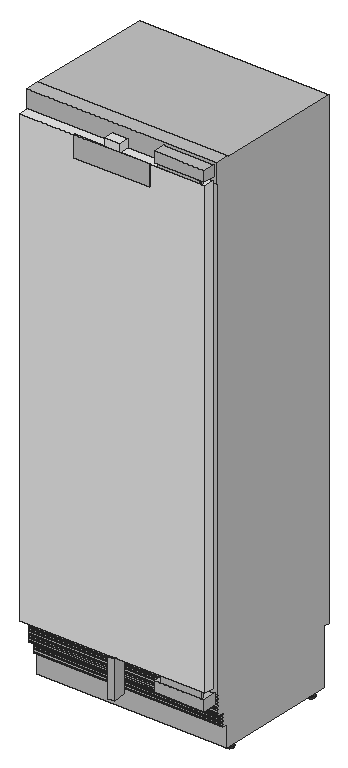
Revit family "FP-Revit18-RS7621FRJK1-Freezer-0-AU-CN-EU-IE-NZ-SG-UK-90001113A", category Specialty Equipment, Revit 2020
Family settings
  Round Connector Dimension = Use Diameter
  Part Type = Normal
  OmniClass Number = 23.40.40.11.11
  OmniClass Title = Refrigerators and Freezers
  Work Plane-Based = No
  Always vertical = Yes
  Cut with Voids When Loaded = Yes
  Shared = No
  Room Calculation Point = No
Parameters (values of type "RS7621FRJE1")
  Visibility - Water Connection = yes
  Visibility - Visibility Control Note = yes
  Visibility - Clearance Required = yes
  URL = "www.fisherpaykel.com"
  Stainless Steel Door Panels (RD7621R10D) = no
  Product - Width = 756 mm  # constant formula
  Product - Height = 2134 mm  # constant formula
  Product - Depth (exl front panel) = 610 mm  # constant formula
  Model = "RS7621FRJE1"
  Material - Handle = Fisher & Paykel - Aluminium
  Material - Door Structure = Fisher & Paykel - White
  Material - Door Front = Fisher & Paykel - Stainless Steel
  Material - Body = Fisher & Paykel - Grey
  Manufacturer = "Fisher & Paykel Appliances"
  Handle Style - Contemporary Square (AHD3-RD21) = no
  Handle Style - Contemporary Round (AHS-RD21) = no
  Description = "76cm Integrated Column Freezer, stainless steel interior"
  Default Elevation = 0 mm
  Connector Description - Water = "Water Supply not required"
  Connector Description - Electrical = "230 V,10 A fused electrical supply"
  Cavity - Width = 762 mm  # constant formula
  Cavity - Height = 2134 mm  # constant formula
  Cavity - Depth = 650 mm  # constant formula
Types (4, lengths in mm): name | Model | Description | Connector Description - Water
  (no name) | "RS7621FRJE1" | "76cm Integrated Column Freezer, stainless steel interior" | "Water Supply not required"
  RS7621FRJK1 | "RS7621FRJK1" | "76cm Integrated Column Freezer with internal ice maker, stainless steel interior" | "1/2 BSP Stainless steel braided hose"
  RS7621FRJE1 | "RS7621FRJE1" | "76cm Integrated Column Freezer, stainless steel interior" | "Water Supply not required"
  RS7621FRJ1 | "RS7621FRJ1" | "76cm Integrated Column Freezer with internal ice maker, white interior" | "1/2 BSP Stainless steel braided hose"
Reference planes
  plane 1 "Datum": y = 0
  plane 2: z = 0
  plane 3 "Center (Left/Right)": x = 0
  plane 4 "Product LHS": x = -378
  plane 5 "Product RHS": x = 378
  plane 6 "Product - Depth": y = 610
  plane 7 "Cavity LHS": x = -381
  plane 8 "Cavity RHS": x = 381
  plane 9 "Cavity - Depth": y = 628
  plane 10 "Handle Offset": x = -315
  plane 11 "Product Height": z = 2134
  plane 12 "Cavity Height": z = 2134
  plane 13 "Door Panel Datum": y = -4.1
Forms (mm)
  Extrusion 1, solid, material "Fisher & Paykel - Grey" <- "Material - Body", detail levels fine
    sketch origin (0, 0, 0) x (0, 1, 0) y (0, 0, 1)
      loop
        line (100.1, 19.1) -> (587.9, 19.1) -> (587.9, 239.7) -> (610, 239.7) -> (610, 2131.9) -> (105.1, 2131.9) -> (105.1, 2134) -> (49.9, 2134) -> (49.9, 2059) -> (56, 2059) -> (56, 228.6) -> (59.5, 228.6) -> (59.5, 219.7) -> (56.5, 219.7) -> (56.5, 215.9) -> (59.5, 215.9) -> (59.5, 207) -> (56.5, 207) -> (56.5, 203.2) -> (59.5, 203.2) -> (59.5, 194.3) -> (56.5, 194.3) -> (56.5, 190.5) -> (59.5, 190.5) -> (59.5, 181.6) -> (56.5, 181.6) -> (56.5, 177.8) -> (59.5, 177.8) -> (59.5, 168.9) -> (56.5, 168.9) -> (56.5, 165.1) -> (59.5, 165.1) -> (59.5, 156.2) -> (56.5, 156.2) -> (56.5, 152.4) -> (84.1, 152.4) -> (84.1, 143.5) -> (81.1, 143.5) -> (81.1, 139.7) -> (84.1, 139.7) -> (84.1, 130.8) -> (81.1, 130.8) -> (81.1, 127) -> (84.1, 127) -> (84.1, 118.1) -> (81.1, 118.1) -> (81.1, 114.3) -> (84.1, 114.3) -> (84.1, 105.4) -> (81.1, 105.4) -> (81.1, 101.6) -> (100.1, 101.6) -> (100.1, 19.1)
    from -378 to 378
  Extrusion 2, solid, material "Fisher & Paykel - Black"
    sketch origin (0, 0, 0) x (1, 0, 0) y (0, 1, 0)
      loop
        circle (-357.5, 547.8) r 4.1
      loop
        circle (-357.5, 141.8) r 4.1
      loop
        circle (357.5, 547.8) r 4.1
      loop
        circle (357.5, 141.8) r 4.1
    from 3 to 19.1
  Extrusion 3, solid, material "Fisher & Paykel - Black"
    sketch origin (0, 0, 0) x (1, 0, 0) y (0, 1, 0)
      loop
        circle (-357.5, 547.8) r 14.5
      loop
        circle (-357.5, 141.8) r 14.555
      loop
        circle (357.5, 547.8) r 14.5
      loop
        circle (357.5, 141.8) r 14.555
    from 0 to 3
  Extrusion 4, solid, material "Fisher & Paykel - Grey" <- "Material - Body", detail levels fine
    sketch origin (0, 0, 0) x (1, 0, 0) y (0, 1, 0)
      loop
        line (-7.5, 49) -> (-13.797, -4.1) -> (13.797, -4.1) -> (7.5, 49) -> (-7.5, 49)
    from 104.2 to 254.2
  Extrusion 5, solid, material "Fisher & Paykel - Grey" <- "Material - Body", detail levels fine
    sketch origin (0, 0, 0) x (1, 0, 0) y (0, 0, 1)
      loop
        line (366.4, 2123.15) -> (168.42, 2123.15) -> (168.42, 2081.05) -> (366.4, 2081.05) -> (366.4, 2123.15)
    from -49 to -2.5
  Extrusion 6, solid, material "Fisher & Paykel - Grey" <- "Material - Body", detail levels fine
    sketch origin (0, 0, 0) x (0, 1, 0) y (0, 0, 1)
      loop
        line (0, 2070.6) -> (0, 1988.6) -> (2, 1988.6) -> (2, 2068.6) -> (4, 2068.6) -> (4, 2070.6) -> (0, 2070.6)
    from -150 to 150
  Extrusion 7, solid, material "Fisher & Paykel - Black"
    sketch origin (0, 0, 0) x (1, 0, 0) y (0, 0, 1)
      loop
        circle (303, 119.813) r 5
      loop
        circle (-303, 119.813) r 5
    from -590 to -587.9
  Extrusion 8, solid, material "Fisher & Paykel - White" <- "Material - Door Structure"
    sketch origin (0, 0, 0) x (1, 0, 0) y (0, 1, 0)
      loop
        line (-353, 56) -> (-353, 42) -> (353, 42) -> (353, 56) -> (-353, 56)
    from 269.6 to 2030.7
  Extrusion 9, solid, material "Fisher & Paykel - White" <- "Material - Door Structure"
    sketch origin (0, 0, 0) x (1, 0, 0) y (0, 1, 0)
      loop
        line (-369.4, 42) -> (-369.4, 3) -> (369.4, 3) -> (369.4, 42) -> (-369.4, 42)
    from 254.2 to 2068.6
  Extrusion 10, solid, material "Fisher & Paykel - White" <- "Material - Door Structure", detail levels fine
    sketch origin (0, 0, 0) x (1, 0, 0) y (0, 0, 1)
      loop
        line (-29.5, 2100.1) -> (-29.5, 2068.6) -> (29.5, 2068.6) -> (29.5, 2100.1) -> (-29.5, 2100.1)
    from -42 to -3
  Extrusion 11, solid, material "Fisher & Paykel - Stainless Steel" <- "Material - Door Front", visible <- "Stainless Steel Door Panels (RD7621R10D)"
    sketch origin (0, 0, 0) x (0, 1, 0) y (0, 0, 1)
      loop
        line (-22.1, 2130.8) -> (-22.1, 102) -> (-4.1, 102) -> (-4.1, 2130.8) -> (-22.1, 2130.8)
    from -378 to 378
  Extrusion 12, solid, material "Fisher & Paykel - Grey" <- "Material - Body", detail levels coarse+medium
    sketch origin (0, 0, 0) x (0, 1, 0) y (0, 0, 1)
      loop
        line (49.9, 2134) -> (49.9, 2059) -> (56, 2059) -> (56, 152.4) -> (81.1, 152.4) -> (81.1, 101.6) -> (100.1, 101.6) -> (100.1, 19.1) -> (587.9, 19.1) -> (587.9, 239.7) -> (610, 239.7) -> (610, 2134) -> (49.9, 2134)
    from -378 to 378
  Extrusion 13, solid, material "Fisher & Paykel - Grey" <- "Material - Body", detail levels fine
    sketch origin (0, 0, 0) x (1, 0, 0) y (0, 0, 1)
      loop
        line (366.4, 187.65) -> (366.4, 229.75) -> (168.42, 229.75) -> (168.42, 187.65) -> (366.4, 187.65)
    from -56 to -2.5
  Extrusion 14, solid, material "Fisher & Paykel - Black", detail levels fine
    sketch origin (0, 0, -4) x (0, 1, 0) y (0, 0, 1)
      loop
        arc (163.888, 23.1) -> (180.4, 13.63) -> (196.912, 23.1) r 19.13
        line (196.912, 23.1) -> (163.888, 23.1)
      loop
        arc (493.888, 23.1) -> (510.4, 13.63) -> (526.912, 23.1) r 19.13
        line (526.912, 23.1) -> (493.888, 23.1)
    from 191 to 219
  Extrusion 15, solid, material "Fisher & Paykel - Black", detail levels fine
    sketch origin (0, 0, -4) x (0, 1, 0) y (0, 0, -1)
      loop
        line (163.888, -23.1) -> (196.912, -23.1)
        arc (196.912, -23.1) -> (180.4, -13.63) -> (163.888, -23.1) r 19.13
      loop
        line (493.888, -23.1) -> (526.912, -23.1)
        arc (526.912, -23.1) -> (510.4, -13.63) -> (493.888, -23.1) r 19.13
    from 191 to 219
  Extrusion 16, solid, material "Fisher & Paykel - Clearance Required", visible <- "Visibility - Clearance Required", detail levels coarse
    sketch origin (0, 0, 0) x (1, 0, 0) y (0, 1, 0)
      loop
        line (-381, 628) -> (-381, -4.1) -> (381, -4.1) -> (381, 628) -> (-381, 628)
    from 0 to 2134
  Extrusion 17, void
    sketch origin (0, 0, 0) x (1, 0, 0) y (0, 1, 0)
      loop
        line (-381, 628) -> (-381, -22.1) -> (381, -22.1) -> (381, 628) -> (-381, 628)
    from 0 to 2134
  Extrusion 18, solid, material "Fisher & Paykel - Grey" <- "Material - Body", detail levels fine
    sketch origin (73, 0, 0) x (1, 0, 0) y (0, 0, 1)
      loop
        line (118.4, 254.2) -> (118.4, 229.75) -> (282.9, 229.75) -> (282.9, 254.2) -> (118.4, 254.2)
      loop
        line (106, 2081.05) -> (106, 2068.6) -> (282.9, 2068.6) -> (282.9, 2076.05) -> (242.9, 2081.05) -> (106, 2081.05)
    from -7 to -4
  Extrusion 19, solid, material "Fisher & Paykel - Clearance Required", visible <- "Visibility - Clearance Required", detail levels coarse
    sketch origin (0, 0, 0) x (1, 0, 0) y (0, 1, 0)
      loop
        line (-328.5, -22) -> (-377.998, -22)
        arc (-377.998, -22) -> (-22.041, -691.901) -> (734.607, -746.265) r 783.526
        line (734.607, -746.265) -> (712.602, -698.95) -> (738.875, -686.699)
        arc (738.875, -686.699) -> (747.815, -662.137) -> (723.253, -653.197) r 18.483
        line (723.253, -653.197) -> (697.006, -665.395) -> (415.929, -60.595)
        arc (415.929, -60.595) -> (380.987, -57.006) -> (378.07, -22) r 27.504
        line (378.07, -22) -> (-328.5, -22)
    from 0 to 2134
Lines and regions (mm)
  model lines, style "Fisher & Paykel"
    curve 1: line (-378, -4.1, 2130.8) -> (378, -4.1, 2130.8)
    curve 2: line (-378, -4.1, 102) -> (-378, -4.1, 2130.8)
    curve 3: line (378, -4.1, 102) -> (-378, -4.1, 102)
    curve 4: line (378, -4.1, 2130.8) -> (378, -4.1, 102)
Text (mm)
  text "Due to ongoing product development, product details are subject to change without notice. \nPlease always refer to www.fisherpaykel.com for the most current product information. \n© Fisher & Paykel 2020" at (41.04, -848.295, 0), in view "Ref. Level (Plan)"
Dimensions and locks
  equal spacing: plane 4 "Product LHS", plane 3 "Center (Left/Right)", plane 5 "Product RHS"
  "Product - Width": plane 4 "Product LHS" to plane 5 "Product RHS"
  "Product - Depth (exl front panel)": plane 1 "Datum" to plane 6 "Product - Depth"
  equal spacing: plane 7 "Cavity LHS", plane 3 "Center (Left/Right)", plane 8 "Cavity RHS"
  "Cavity - Width": plane 7 "Cavity LHS" to plane 8 "Cavity RHS"
  plane 4 "Product LHS" to Extrusion 2 sketch curve = 24.6 mm
  Extrusion 7 sketch curve to Extrusion 1 = 119.887 mm  (x2)
  Extrusion 7 sketch curve to plane 5 "Product RHS" = 75 mm
  plane 4 "Product LHS" to Extrusion 7 sketch curve = 75 mm
  Extrusion 1 sketch curve to Extrusion 1 sketch curve = 82.5 mm
  Extrusion 1 sketch curve to Extrusion 1 sketch curve = 209.5 mm
  Extrusion 1 sketch curve to Extrusion 1 sketch curve = 220.6 mm
  Extrusion 3 to level = 3 mm
  Extrusion 12 to Extrusion 9 = 235.1 mm
  Extrusion 12 to Extrusion 8 = 250.5 mm
  Extrusion 12 to Extrusion 12 = 2114.9 mm
  Extrusion 12 to Extrusion 11 = 82.9 mm
  "Product - Height": level to plane 11 "Product Height"
  plane 11 "Product Height" to Extrusion 11 = 3.2 mm
  Extrusion 9 to plane 11 "Product Height" = 65.4 mm
  Extrusion 8 to plane 11 "Product Height" = 103.3 mm
  Extrusion 12 sketch curve to plane 11 "Product Height" = 75 mm
  Extrusion 1 sketch curve to plane 11 "Product Height" = 2.1 mm
  Extrusion 1 sketch curve to plane 11 "Product Height" = 75 mm
  "Cavity - Height": plane 12 "Cavity Height" to level
  plane 1 "Datum" to Extrusion 16 = 628 mm
  plane 1 "Datum" to Extrusion 17 = 628 mm
  Extrusion 18 sketch curve to Extrusion 18 sketch curve = 40 mm
  Extrusion 18 sketch curve to plane 3 "Center (Left/Right)" = 179 mm
  Extrusion 18 sketch curve to Extrusion 18 sketch curve = 176.9 mm
  Extrusion 18 sketch curve to plane 3 "Center (Left/Right)" = 191.4 mm
  plane 3 "Center (Left/Right)" to Extrusion 18 sketch curve = 355.9 mm
  "Cavity - Depth": Extrusion 17 to Extrusion 19
  Extrusion 19 to plane 1 "Datum" = 22 mm
  radius of Extrusion 7 sketch curve = 5 mm
  aligned and locked: level to plane 2
  aligned and locked: Extrusion 11 to plane 5 "Product RHS"
  aligned and locked: plane 4 "Product LHS" to Extrusion 11
  aligned and locked: Extrusion 12 to plane 5 "Product RHS"
  aligned and locked: Extrusion 12 to plane 4 "Product LHS"
  aligned and locked: Extrusion 12 sketch curve to plane 11 "Product Height"
  aligned and locked: plane 11 "Product Height" to Extrusion 1 sketch curve
  aligned and locked: Extrusion 14 sketch curve to Extrusion 14 sketch curve
  aligned and locked: Extrusion 15 sketch curve to Extrusion 15 sketch curve
  aligned and locked: Extrusion 1 to plane 5 "Product RHS"
  aligned and locked: plane 4 "Product LHS" to Extrusion 1
  aligned and locked: Extrusion 12 sketch curve to Extrusion 1  (x4)
  aligned and locked: Extrusion 2 to Extrusion 1
  aligned and locked: nested 2 to plane 10 "Handle Offset"
  aligned and locked: nested 3 to plane 10 "Handle Offset"
Automatic sketch dimensions
  plane 1 "Datum" to Extrusion 4 sketch curve = 4.1 mm
  Extrusion 4 sketch curve to plane 3 "Center (Left/Right)" = 13.797 mm
  Extrusion 4 sketch curve to plane 3 "Center (Left/Right)" = 7.5 mm
  plane 3 "Center (Left/Right)" to Extrusion 4 sketch curve = 7.5 mm
  plane 3 "Center (Left/Right)" to Extrusion 4 sketch curve = 13.797 mm
  Extrusion 4 sketch curve to plane 1 "Datum" = 49 mm
  Extrusion 6 sketch curve to plane 1 "Datum" = 0 mm
  Extrusion 6 sketch curve to plane 1 "Datum" = 2 mm
  Extrusion 6 sketch curve to Extrusion 6 sketch curve = 2 mm  (x2)
  plane 11 "Product Height" to Extrusion 6 sketch curve = 145.4 mm
  plane 11 "Product Height" to Extrusion 6 sketch curve = 65.4 mm
  Extrusion 10 sketch curve to plane 3 "Center (Left/Right)" = 29.5 mm
  plane 3 "Center (Left/Right)" to Extrusion 10 sketch curve = 29.5 mm
  plane 11 "Product Height" to Extrusion 10 sketch curve = 65.4 mm
  Extrusion 10 sketch curve to Extrusion 10 sketch curve = 31.5 mm
  Extrusion 16 sketch curve to plane 7 "Cavity LHS" = 0 mm
  Extrusion 16 sketch curve to plane 8 "Cavity RHS" = 0 mm
  Extrusion 16 sketch curve to plane 9 "Cavity - Depth" = 0 mm
  plane 1 "Datum" to Extrusion 16 sketch curve = 4.1 mm
  Extrusion 17 sketch curve to plane 7 "Cavity LHS" = 0 mm
  Extrusion 17 sketch curve to plane 8 "Cavity RHS" = 0 mm
  plane 9 "Cavity - Depth" to Extrusion 17 sketch curve = 0 mm
  plane 1 "Datum" to Extrusion 17 sketch curve = 22.1 mm
  Extrusion 1 sketch curve to plane 6 "Product - Depth" = 0 mm
  Extrusion 1 sketch curve to Extrusion 1 sketch curve = 22.1 mm
  Extrusion 1 sketch curve to plane 1 "Datum" = 105.1 mm
  level to Extrusion 1 sketch curve = 19.1 mm
  Extrusion 1 sketch curve to plane 1 "Datum" = 100.1 mm
  Extrusion 1 sketch curve to Extrusion 1 sketch curve = 16 mm
  Extrusion 1 sketch curve to Extrusion 1 sketch curve = 0 mm  (x8)
  Extrusion 1 sketch curve to Extrusion 1 sketch curve = 3 mm  (x10)
  Extrusion 1 sketch curve to plane 1 "Datum" = 59.5 mm
  Extrusion 1 sketch curve to plane 1 "Datum" = 56 mm
  Extrusion 1 sketch curve to plane 1 "Datum" = 49.9 mm
  Extrusion 1 sketch curve to Extrusion 1 sketch curve = 3.8 mm  (x10)
  Extrusion 1 sketch curve to Extrusion 1 sketch curve = 8.9 mm  (x9)
  Extrusion 2 sketch curve to plane 4 "Product LHS" = 20.5 mm  (x2)
  plane 5 "Product RHS" to Extrusion 2 sketch curve = 20.5 mm  (x2)
  Extrusion 2 sketch curve to plane 1 "Datum" = 141.8 mm  (x2)
  Extrusion 2 sketch curve to plane 6 "Product - Depth" = 62.2 mm  (x2)
  Extrusion 3 sketch curve to plane 4 "Product LHS" = 20.5 mm  (x2)
  plane 5 "Product RHS" to Extrusion 3 sketch curve = 20.5 mm  (x2)
  Extrusion 3 sketch curve to plane 1 "Datum" = 141.8 mm  (x2)
  Extrusion 3 sketch curve to plane 6 "Product - Depth" = 62.2 mm  (x2)
  plane 11 "Product Height" to Extrusion 5 sketch curve = 10.85 mm
  Extrusion 5 sketch curve to plane 7 "Cavity LHS" = 549.42 mm
  plane 5 "Product RHS" to Extrusion 5 sketch curve = 11.6 mm
  Extrusion 5 sketch curve to Extrusion 5 sketch curve = 42.1 mm
  Extrusion 8 sketch curve to plane 4 "Product LHS" = 25 mm
  plane 5 "Product RHS" to Extrusion 8 sketch curve = 25 mm
  Extrusion 8 sketch curve to plane 1 "Datum" = 42 mm
  Extrusion 8 sketch curve to Extrusion 8 sketch curve = 14 mm
  Extrusion 9 sketch curve to plane 1 "Datum" = 3 mm
  Extrusion 9 sketch curve to plane 4 "Product LHS" = 8.6 mm
  plane 5 "Product RHS" to Extrusion 9 sketch curve = 8.6 mm
  Extrusion 9 sketch curve to Extrusion 9 sketch curve = 39 mm
  plane 1 "Datum" to Extrusion 11 sketch curve = 22.1 mm
  plane 1 "Datum" to Extrusion 11 sketch curve = 4.1 mm
  level to Extrusion 11 sketch curve = 102 mm
  plane 11 "Product Height" to Extrusion 11 sketch curve = 3.2 mm
  Extrusion 12 sketch curve to plane 6 "Product - Depth" = 0 mm
  Extrusion 12 sketch curve to plane 6 "Product - Depth" = 22.1 mm
  Extrusion 12 sketch curve to plane 1 "Datum" = 100.1 mm
  Extrusion 12 sketch curve to Extrusion 12 sketch curve = 19 mm
  Extrusion 12 sketch curve to plane 1 "Datum" = 56 mm
  Extrusion 12 sketch curve to plane 1 "Datum" = 49.9 mm
  Extrusion 12 sketch curve to Extrusion 12 sketch curve = 50.8 mm
  Extrusion 13 sketch curve to plane 7 "Cavity LHS" = 549.42 mm
  plane 5 "Product RHS" to Extrusion 13 sketch curve = 11.6 mm
  level to Extrusion 13 sketch curve = 187.65 mm
  Extrusion 13 sketch curve to Extrusion 13 sketch curve = 42.1 mm
  level to Extrusion 14 sketch curve = 19.1 mm
  Extrusion 14 sketch curve to plane 1 "Datum" = 163.888 mm
  Extrusion 14 sketch curve to Extrusion 14 sketch curve = 16.512 mm  (x2)
  Extrusion 14 sketch curve to plane 6 "Product - Depth" = 116.112 mm
  Extrusion 14 sketch curve to Extrusion 14 sketch curve = 9.66 mm  (x2)
  level to Extrusion 15 sketch curve = 19.1 mm
  Extrusion 15 sketch curve to plane 1 "Datum" = 163.888 mm
  Extrusion 15 sketch curve to Extrusion 15 sketch curve = 16.512 mm  (x2)
  Extrusion 15 sketch curve to plane 6 "Product - Depth" = 116.112 mm
  Extrusion 15 sketch curve to Extrusion 15 sketch curve = 9.66 mm  (x2)
  level to Extrusion 18 sketch curve = 229.75 mm
  Extrusion 18 sketch curve to Extrusion 18 sketch curve = 24.45 mm
  plane 11 "Product Height" to Extrusion 18 sketch curve = 65.4 mm
  Extrusion 18 sketch curve to Extrusion 18 sketch curve = 7.45 mm
  Extrusion 18 sketch curve to Extrusion 18 sketch curve = 5 mm
  Extrusion 19 sketch curve to plane 4 "Product LHS" = 0.002 mm
  plane 10 "Handle Offset" to Extrusion 19 sketch curve = 13.5 mm
  Extrusion 19 sketch curve to plane 5 "Product RHS" = 0.07 mm
  Extrusion 19 sketch curve to plane 8 "Cavity RHS" = 19.621 mm
  Extrusion 19 sketch curve to Extrusion 19 sketch curve = 4.795 mm
  Extrusion 19 sketch curve to Extrusion 19 sketch curve = 10.514 mm
  Extrusion 19 sketch curve to plane 8 "Cavity RHS" = 316.006 mm
  Extrusion 19 sketch curve to Extrusion 19 sketch curve = 15.596 mm
  Extrusion 19 sketch curve to Extrusion 19 sketch curve = 26.247 mm
  Extrusion 19 sketch curve to Extrusion 19 sketch curve = 7.811 mm  (x2)
  Extrusion 19 sketch curve to Extrusion 19 sketch curve = 22.005 mm
  plane 1 "Datum" to Extrusion 19 sketch curve = 746.265 mm
  Extrusion 19 sketch curve to Extrusion 19 sketch curve = 47.315 mm
  Extrusion 19 sketch curve to Extrusion 19 sketch curve = 12.251 mm
  Extrusion 19 sketch curve to Extrusion 19 sketch curve = 16.751 mm
  Extrusion 19 sketch curve to Extrusion 19 sketch curve = 12.198 mm
  Extrusion 19 sketch curve to Extrusion 19 sketch curve = 22.85 mm
  plane 5 "Product RHS" to curve 1 = 0 mm
  plane 4 "Product LHS" to curve 3 = 0 mm
  level to curve 3 = 102 mm
  plane 11 "Product Height" to curve 2 = 3.2 mm
  radius of Extrusion 2 sketch curve = 4.1 mm  (x3)
  radius of Extrusion 3 sketch curve = 14.5 mm  (x2)
  radius of Extrusion 3 sketch curve = 14.555 mm  (x2)
  radius of Extrusion 7 sketch curve = 5 mm
Nested families
  nested 1: "Visibility Control Note 18" at (0, 0, 0), visible <- "Visibility - Visibility Control Note", type "Visibility Control Note 18"
  nested 2: "Handle Contemporary Round - Vertical" at (-315, -22.1, 1242.58), visible <- "Handle Style - Contemporary Round (AHS-RD21)", type "AHS-RD21 - Contemporary round handle (Vertical) 852mm"
  nested 3: "Handle Contemporary Square - Vertical" at (-315, -22.1, 1242.58), visible <- "Handle Style - Contemporary Square (AHD3-RD21)", type "AHD3-RD21 - Contemporary square handle (Vertical) 852mm"
Connectors
  electrical at (-303, 590, 119.813), driven by "Connector Description - Electrical"
    settings: on Extrusion 7, index 1, voltage 230 V, apparent load 0 VA, apparent load phase1 0 VA, apparent load phase2 0 VA, apparent load phase3 0 VA, power factor 1, load classification "Other", number of poles 1, system type 30, power factor state 1, is connector primary yes, connector utility no, sub classification motor no, connector description "230 V,10 A fused electrical supply"
  piping at (303, 590, 119.813), diameter 12.7, driven by "Visibility - Water Connection", driven by "Connector Description - Water"
    settings: on Extrusion 7, index 2, connector inside diameter 609.6 mm, connector length 0 mm, flow factor 0, pipe flow 0.0 L/s, pressure drop 0.0 Pa, fitting loss kfactor 0, connector angle 0.00°, fixture units 0, engagement length 0 mm, angle of deflection 0.00°, flow configuration 0, flow direction 1, fitting loss method 0, system type 20, joint type 0, gender type 0, connector reference index -1, connector utility 1, adjustable connector no, is connector primary yes, connector description "Water Supply not required"
Definition of nested family "Handle Contemporary Round - Vertical"
  Parameters (values of type "AHSRS80A - Contemporary round handle (1 of 2) (Vertical) 727mm")
    URL = "www.fisherpaykel.com"
    Material - Handle = none
    Manufacturer = "Fisher & Paykel Appliances"
    Handle - Length = 727 mm
    Default Elevation = 0 mm
  Types (6, lengths in mm): name | Handle - Length
    AHS-RD21 - Contemporary round handle (Vertical) 852mm | 852
    AHSRD2484W - Contemporary round handle (1 of 2) (Vertical) 727mm | 727
    AHSRD3084W - Contemporary round handle (1 of 2) (Vertical) 727mm | 727
    AHS-RD84 - Contemporary round handle (Vertical) 852mm | 852
    AHSRS3272A - Contemporary round handle (1 of 2) (Vertical) 727mm | 727
    AHSRS80A - Contemporary round handle (1 of 2) (Vertical) 727mm | 727
  Reference planes
    plane 1 "Center (Front/Back)": y = 0
    plane 2: z = 0
    plane 3 "Center (Left/Right)": x = 0
    plane 4 "Top": z = 363.5
    plane 5 "Bottom": z = -363.5
    plane 6 "Top Standoff": z = 243.5
    plane 7 "Bottom Standoff": z = -243.5
  Forms (mm)
    Extrusion 1, solid, material <- "Material - Handle"
      sketch origin (0, 0, 0) x (1, 0, 0) y (0, 1, 0)
        loop
          circle (0, -32.3) r 8.7
      from -243.5 to 243.5
    Extrusion 2, solid, material <- "Material - Handle", detail levels fine
      sketch origin (0, 0, 0) x (1, 0, 0) y (0, 1, 0)
        loop
          line (-8.7, 0) -> (-8.7, -32.3)
          arc (-8.7, -32.3) -> (0, -41) -> (8.7, -32.3) r 8.7
          line (8.7, -32.3) -> (8.7, 0) -> (-8.7, 0)
      from 243.5 to 363.5
    Extrusion 3, solid, material <- "Material - Handle", detail levels fine
      sketch origin (0, 0, 0) x (1, 0, 0) y (0, 1, 0)
        loop
          line (-8.7, 0) -> (-8.7, -32.3)
          arc (-8.7, -32.3) -> (0, -41) -> (8.7, -32.3) r 8.7
          line (8.7, -32.3) -> (8.7, 0) -> (-8.7, 0)
      from -363.5 to -243.5
    Sweep 4, void
      path in 3D
        loop
          line (8.7, 0, -363.5) -> (8.7, -32.3, -363.5)
          arc (8.7, -32.3, -363.5) -> (0, -41, -363.5) -> (-8.7, -32.3, -363.5) r 8.7
          line (-8.7, -32.3, -363.5) -> (-8.7, 0, -363.5)
      profile origin (8.7, -16.15, -363.5) x (-1, 0, 0) y (0, 0, -1)
        loop
          line (0, 0) -> (0, -1) -> (1, 0) -> (0, 0)
    Sweep 5, void
      path in 3D
        loop
          line (-8.7, 0, 363.5) -> (-8.7, -32.3, 363.5)
          arc (-8.7, -32.3, 363.5) -> (0, -41, 363.5) -> (8.7, -32.3, 363.5) r 8.7
          line (8.7, -32.3, 363.5) -> (8.7, 0, 363.5)
      profile origin (8.7, -16.15, 363.5) x (-1, 0, 0) y (0, 0, 1)
        loop
          line (0, 0) -> (0, -1) -> (1, 0) -> (0, 0)
    Extrusion 6, solid, material <- "Material - Handle", detail levels coarse+medium
      sketch origin (0, 0, 0) x (1, 0, 0) y (0, 1, 0)
        loop
          line (-8.7, 0) -> (-8.7, -32.3)
          arc (-8.7, -32.3) -> (0, -41) -> (8.7, -32.3) r 8.7
          line (8.7, -32.3) -> (8.7, 0) -> (-8.7, 0)
      from 243.5 to 363.5
    Extrusion 7, solid, material <- "Material - Handle", detail levels coarse+medium
      sketch origin (0, 0, 0) x (1, 0, 0) y (0, 1, 0)
        loop
          line (-8.7, 0) -> (-8.7, -32.3)
          arc (-8.7, -32.3) -> (0, -41) -> (8.7, -32.3) r 8.7
          line (8.7, -32.3) -> (8.7, 0) -> (-8.7, 0)
      from -363.5 to -243.5
  Cuts and joins
    Sweep 4 cuts Extrusion 3
    Sweep 5 cuts Extrusion 2
  Lines and regions (mm)
    sketch lines
      curve 1: line (8.7, 0, -363.5) -> (8.7, -32.3, -363.5)
      curve 2: arc (-8.7, -32.3, -363.5) -> (0, -41, -363.5) -> (8.7, -32.3, -363.5) r 8.7
      curve 3: line (-8.7, -32.3, -363.5) -> (-8.7, 0, -363.5)
      curve 4: line (8.7, -32.3, 363.5) -> (8.7, 0, 363.5)
      curve 5: arc (8.7, -32.3, 363.5) -> (0, -41, 363.5) -> (-8.7, -32.3, 363.5) r 8.7
      curve 6: line (-8.7, 0, 363.5) -> (-8.7, -32.3, 363.5)
  Dimensions and locks
    equal spacing: plane 4 "Top", level, plane 5 "Bottom"
    "Handle - Length": plane 4 "Top" to plane 5 "Bottom"
    locked: plane 4 "Top" to plane 6 "Top Standoff" at 120
    locked: plane 7 "Bottom Standoff" to plane 5 "Bottom" at 120
    Extrusion 2 sketch curve to Extrusion 2 sketch curve = 17.4 mm
    Extrusion 3 sketch curve to Extrusion 3 sketch curve = 17.4 mm
    Extrusion 6 sketch curve to Extrusion 6 sketch curve = 17.4 mm
    Extrusion 7 sketch curve to Extrusion 7 sketch curve = 17.4 mm
    aligned and locked: level to plane 2
    aligned and locked: plane 4 "Top" to Extrusion 2
    aligned and locked: Extrusion 3 to plane 5 "Bottom"
    aligned and locked: plane 7 "Bottom Standoff" to Extrusion 3
    aligned and locked: Extrusion 1 to plane 7 "Bottom Standoff"
    aligned and locked: plane 6 "Top Standoff" to Extrusion 1
    aligned and locked: Extrusion 2 to Extrusion 1
    aligned and locked: Extrusion 6 to Extrusion 1
    aligned and locked: plane 4 "Top" to Extrusion 6
    aligned and locked: Extrusion 7 to Extrusion 1
    aligned and locked: Extrusion 7 to plane 5 "Bottom"
  Automatic sketch dimensions
    Extrusion 1 sketch curve to plane 3 "Center (Left/Right)" = 0 mm
    plane 1 "Center (Front/Back)" to Extrusion 1 sketch curve = 32.3 mm
    plane 1 "Center (Front/Back)" to Extrusion 2 sketch curve = 0 mm
    Extrusion 2 sketch curve to plane 3 "Center (Left/Right)" = 0 mm
    Extrusion 2 sketch curve to plane 3 "Center (Left/Right)" = 8.7 mm
    plane 1 "Center (Front/Back)" to Extrusion 2 sketch curve = 32.3 mm
    plane 1 "Center (Front/Back)" to Extrusion 3 sketch curve = 0 mm
    Extrusion 3 sketch curve to plane 3 "Center (Left/Right)" = 0 mm
    Extrusion 3 sketch curve to plane 3 "Center (Left/Right)" = 8.7 mm
    plane 1 "Center (Front/Back)" to Extrusion 3 sketch curve = 32.3 mm
    Sweep 4 sketch curve to profile plane = 0 mm  (x2)
    Sweep 4 sketch curve to profile plane = 1 mm  (x2)
    Sweep 5 sketch curve to profile plane = 0 mm  (x2)
    Sweep 5 sketch curve to profile plane = 1 mm  (x2)
    Extrusion 6 sketch curve to plane 3 "Center (Left/Right)" = 0 mm
    Extrusion 6 sketch curve to plane 3 "Center (Left/Right)" = 8.7 mm
    plane 1 "Center (Front/Back)" to Extrusion 6 sketch curve = 32.3 mm
    Extrusion 6 sketch curve to Extrusion 6 sketch curve = 32.3 mm
    Extrusion 7 sketch curve to plane 3 "Center (Left/Right)" = 0 mm
    Extrusion 7 sketch curve to plane 3 "Center (Left/Right)" = 8.7 mm
    plane 1 "Center (Front/Back)" to Extrusion 7 sketch curve = 32.3 mm
    Extrusion 7 sketch curve to Extrusion 7 sketch curve = 32.3 mm
    radius of Extrusion 1 sketch curve = 8.7 mm
Definition of nested family "Handle Contemporary Square - Vertical"
  Parameters (values of type "AHD3RS80A - Contemporary square handle (1 of 2) (Vertical) 727mm")
    URL = "www.fisherpaykel.com"
    Material - Handle = none
    Manufacturer = "Fisher & Paykel Appliances"
    Handle - Length = 727 mm
    Default Elevation = 0 mm
  Types (7, lengths in mm): name | Handle - Length
    (no name) | 727
    AHD3-RD21 - Contemporary square handle (Vertical) 852mm | 852
    AHD3RD2484W - Contemporary square handle (1 of 2) (Vertical) 727mm | 727
    AHD3RD3084W - Contemporary square handle (1 of 2) (Vertical) 727mm | 727
    AHD3-RD84 - Contemporary square handle (Vertical) 852mm | 852
    AHD3RS3272A - Contemporary square handle (1 of 2) (Vertical) 727mm | 727
    AHD3RS80A - Contemporary square handle (1 of 2) (Vertical) 727mm | 727
  Reference planes
    plane 1 "Center (Front/Back)": y = 0
    plane 2: z = 0
    plane 3 "Center (Left/Right)": x = 0
    plane 4 "Top": z = 363.5
    plane 5 "Bottom": z = -363.5
    plane 6 "Top Standoff": z = 243.5
    plane 7 "Bottom Standoff": z = -243.5
  Forms (mm)
    Extrusion 1, solid, material <- "Material - Handle", detail levels fine
      sketch origin (0, 0, 0) x (1, 0, 0) y (0, 1, 0)
        loop
          arc (-7.583, -28.701) -> (-7.89, -29.057) -> (-8, -29.514) r 1
          line (-8, -29.514) -> (-8, -40.5)
          arc (-8, -40.5) -> (-7.561, -41.561) -> (-6.5, -42) r 1.5
          line (-6.5, -42) -> (6.5, -42)
          arc (6.5, -42) -> (7.561, -41.561) -> (8, -40.5) r 1.5
          line (8, -40.5) -> (8, -29.487)
          arc (8, -29.487) -> (7.889, -29.029) -> (7.58, -28.673) r 1
          arc (7.58, -28.673) -> (-0.006, -26.256) -> (-7.583, -28.701) r 13.038
      from -363.5 to 363.5
    Extrusion 2, solid, material <- "Material - Handle", detail levels fine
      sketch origin (0, 0, 0) x (1, 0, 0) y (0, 1, 0)
        loop
          arc (7.058, -28.23) -> (7.466, -28.244) -> (7.674, -27.893) r 0.4
          line (7.674, -27.893) -> (7.674, 0) -> (-7.674, 0) -> (-7.674, -27.86)
          arc (-7.674, -27.86) -> (-7.467, -28.21) -> (-7.06, -28.198) r 0.4
          arc (-7.06, -28.198) -> (0.004, -26.156) -> (7.058, -28.23) r 13.136
      from 243.5 to 363.5
    Extrusion 3, solid, material <- "Material - Handle", detail levels fine
      sketch origin (0, 0, 0) x (1, 0, 0) y (0, 1, 0)
        loop
          arc (7.058, -28.23) -> (7.466, -28.244) -> (7.674, -27.893) r 0.4
          line (7.674, -27.893) -> (7.674, 0) -> (-7.674, 0) -> (-7.674, -27.86)
          arc (-7.674, -27.86) -> (-7.467, -28.21) -> (-7.06, -28.198) r 0.4
          arc (-7.06, -28.198) -> (0.004, -26.156) -> (7.058, -28.23) r 13.136
      from -363.5 to -243.5
    Sweep 4, void
      path in 3D
        loop
          line (-8, -29.514, 363.5) -> (-8, -40.5, 363.5)
          arc (-8, -40.5, 363.5) -> (-7.561, -41.561, 363.5) -> (-6.5, -42, 363.5) r 1.5
          line (-6.5, -42, 363.5) -> (6.5, -42, 363.5)
          arc (6.5, -42, 363.5) -> (7.561, -41.561, 363.5) -> (8, -40.5, 363.5) r 1.5
          line (8, -40.5, 363.5) -> (8, -29.487, 363.5)
      profile origin (8, -34.994, 363.5) x (-1, 0, 0) y (0, 0, 1)
        loop
          line (0, 0) -> (0, -1.3) -> (1.3, 0) -> (0, 0)
    Sweep 5, void
      path in 3D
        loop
          line (8, -29.487, -363.5) -> (8, -40.5, -363.5)
          arc (8, -40.5, -363.5) -> (7.561, -41.561, -363.5) -> (6.5, -42, -363.5) r 1.5
          line (6.5, -42, -363.5) -> (-6.5, -42, -363.5)
          arc (-6.5, -42, -363.5) -> (-7.561, -41.561, -363.5) -> (-8, -40.5, -363.5) r 1.5
          line (-8, -40.5, -363.5) -> (-8, -29.514, -363.5)
      profile origin (8, -34.994, -363.5) x (-1, 0, 0) y (0, 0, -1)
        loop
          line (0, 0) -> (0, -1.3) -> (1.3, 0) -> (0, 0)
    Extrusion 6, void
      sketch origin (0, 0, 0) x (1, 0, 0) y (0, 0, 1)
        loop
          line (-8, -362.2) -> (-8, -363.5) -> (-6.7, -363.5) -> (-8, -362.2)
        loop
          line (8, -362.2) -> (6.7, -363.5) -> (8, -363.5) -> (8, -362.2)
      from 0 to 40
    Extrusion 7, void
      sketch origin (0, 0, 0) x (1, 0, 0) y (0, 0, 1)
        loop
          line (-8, 363.5) -> (-8, 362.2) -> (-6.7, 363.5) -> (-8, 363.5)
        loop
          line (8, 363.5) -> (6.7, 363.5) -> (8, 362.2) -> (8, 363.5)
      from 0 to 40
    Extrusion 8, solid, material <- "Material - Handle", detail levels coarse+medium
      sketch origin (0, 0, 0) x (0, 1, 0) y (0, 0, 1)
        loop
          line (0, 363.5) -> (-42, 363.5) -> (-42, -363.5) -> (0, -363.5) -> (0, -243.5) -> (-26.245, -243.5) -> (-26.245, 243.5) -> (0, 243.5) -> (0, 363.5)
      from -8 to 8
  Cuts and joins
    Sweep 4, Sweep 5, Extrusion 6, Extrusion 7 cuts Extrusion 1
    Extrusion 6 cuts Extrusion 3
    Extrusion 7 cuts Extrusion 2
  Lines and regions (mm)
    sketch lines
      curve 1: line (8, -40.5, 363.5) -> (8, -29.487, 363.5)
      curve 2: arc (8, -40.5, 363.5) -> (7.561, -41.561, 363.5) -> (6.5, -42, 363.5) r 1.5
      curve 3: line (-6.5, -42, 363.5) -> (6.5, -42, 363.5)
      curve 4: arc (-6.5, -42, 363.5) -> (-7.561, -41.561, 363.5) -> (-8, -40.5, 363.5) r 1.5
      curve 5: line (-8, -29.514, 363.5) -> (-8, -40.5, 363.5)
      curve 6: line (8, -29.487, -363.5) -> (8, -40.5, -363.5)
      curve 7: arc (6.5, -42, -363.5) -> (7.561, -41.561, -363.5) -> (8, -40.5, -363.5) r 1.5
      curve 8: line (6.5, -42, -363.5) -> (-6.5, -42, -363.5)
      curve 9: arc (-8, -40.5, -363.5) -> (-7.561, -41.561, -363.5) -> (-6.5, -42, -363.5) r 1.5
      curve 10: line (-8, -40.5, -363.5) -> (-8, -29.514, -363.5)
  Dimensions and locks
    equal spacing: plane 4 "Top", level, plane 5 "Bottom"
    "Handle - Length": plane 4 "Top" to plane 5 "Bottom"
    locked: plane 4 "Top" to plane 6 "Top Standoff" at 120
    locked: plane 7 "Bottom Standoff" to plane 5 "Bottom" at 120
    aligned and locked: level to plane 2
    aligned and locked: plane 4 "Top" to Extrusion 2
    aligned and locked: Extrusion 2 to plane 6 "Top Standoff"
    aligned and locked: plane 4 "Top" to Extrusion 1
    aligned and locked: Extrusion 1 to plane 5 "Bottom"
    aligned and locked: Extrusion 3 to plane 5 "Bottom"
    aligned and locked: plane 7 "Bottom Standoff" to Extrusion 3
    aligned and locked: plane 4 "Top" to Extrusion 8 sketch curve
    aligned and locked: plane 6 "Top Standoff" to Extrusion 8 sketch curve
    aligned and locked: plane 7 "Bottom Standoff" to Extrusion 8 sketch curve
    aligned and locked: plane 5 "Bottom" to Extrusion 8 sketch curve
    aligned and locked: plane 1 "Center (Front/Back)" to Extrusion 8 sketch curve  (x2)
  Automatic sketch dimensions
    Extrusion 1 sketch curve to plane 3 "Center (Left/Right)" = 8 mm
    Extrusion 1 sketch curve to Extrusion 1 sketch curve = 1 mm  (x2)
    Extrusion 1 sketch curve to Extrusion 1 sketch curve = 1.5 mm
    plane 3 "Center (Left/Right)" to Extrusion 1 sketch curve = 0.018 mm
    plane 3 "Center (Left/Right)" to Extrusion 1 sketch curve = 6.5 mm
    plane 3 "Center (Left/Right)" to Extrusion 1 sketch curve = 7 mm
    plane 1 "Center (Front/Back)" to Extrusion 1 sketch curve = 42 mm
    Extrusion 1 sketch curve to Extrusion 1 sketch curve = 1.206 mm
    Extrusion 1 sketch curve to Extrusion 1 sketch curve = 10.986 mm
    Extrusion 1 sketch curve to Extrusion 1 sketch curve = 11.013 mm
    Extrusion 1 sketch curve to Extrusion 1 sketch curve = 0 mm
    plane 1 "Center (Front/Back)" to Extrusion 2 sketch curve = 0 mm
    Extrusion 2 sketch curve to plane 3 "Center (Left/Right)" = 7.674 mm
    Extrusion 2 sketch curve to Extrusion 2 sketch curve = 0.4 mm  (x2)
    Extrusion 2 sketch curve to plane 3 "Center (Left/Right)" = 0.026 mm
    plane 3 "Center (Left/Right)" to Extrusion 2 sketch curve = 7.274 mm
    plane 1 "Center (Front/Back)" to Extrusion 2 sketch curve = 27.86 mm
    Extrusion 2 sketch curve to Extrusion 2 sketch curve = 0.033 mm
    Extrusion 2 sketch curve to Extrusion 2 sketch curve = 11.398 mm
    Extrusion 2 sketch curve to Extrusion 2 sketch curve = 0 mm
    plane 1 "Center (Front/Back)" to Extrusion 3 sketch curve = 0 mm
    Extrusion 3 sketch curve to Extrusion 3 sketch curve = 0.4 mm  (x2)
    Extrusion 3 sketch curve to Extrusion 3 sketch curve = 7.248 mm
    Extrusion 3 sketch curve to Extrusion 3 sketch curve = 7.3 mm
    plane 1 "Center (Front/Back)" to Extrusion 3 sketch curve = 27.86 mm
    Extrusion 3 sketch curve to Extrusion 3 sketch curve = 0.033 mm
    Extrusion 3 sketch curve to Extrusion 3 sketch curve = 11.398 mm
    Extrusion 3 sketch curve to Extrusion 3 sketch curve = 0 mm
    Sweep 4 sketch curve to profile plane = 0 mm  (x2)
    Sweep 4 sketch curve to profile plane = 1.3 mm  (x2)
    Sweep 5 sketch curve to profile plane = 0 mm  (x2)
    Sweep 5 sketch curve to profile plane = 1.3 mm  (x2)
    Extrusion 6 sketch curve to plane 5 "Bottom" = 0 mm  (x2)
    plane 5 "Bottom" to Extrusion 6 sketch curve = 1.3 mm  (x2)
    Extrusion 6 sketch curve to plane 3 "Center (Left/Right)" = 8 mm
    Extrusion 6 sketch curve to Extrusion 6 sketch curve = 1.3 mm  (x2)
    plane 3 "Center (Left/Right)" to Extrusion 6 sketch curve = 8 mm
    Extrusion 7 sketch curve to plane 4 "Top" = 0 mm  (x2)
    Extrusion 7 sketch curve to plane 3 "Center (Left/Right)" = 8 mm
    Extrusion 7 sketch curve to Extrusion 7 sketch curve = 1.3 mm  (x2)
    plane 3 "Center (Left/Right)" to Extrusion 7 sketch curve = 8 mm
    Extrusion 7 sketch curve to plane 4 "Top" = 1.3 mm  (x2)
    plane 1 "Center (Front/Back)" to Extrusion 8 sketch curve = 26.245 mm
    plane 1 "Center (Front/Back)" to Extrusion 8 sketch curve = 42 mm
    Extrusion 3 sketch curve to plane 3 "Center (Left/Right)" = 7.674 mm
Definition of nested family "Visibility Control Note 18"
  Types (3): name
    New
    Resolved
    Active
  Reference planes
    plane 1: y = 0
    plane 2: x = 0
  Text (mm)
    text "Edit Type: \nTo control handle kit \nand door panel visibility\n options\n\nDelete unwanted kits \nto reduce file size" at (-0.165, 35.556, 0)
